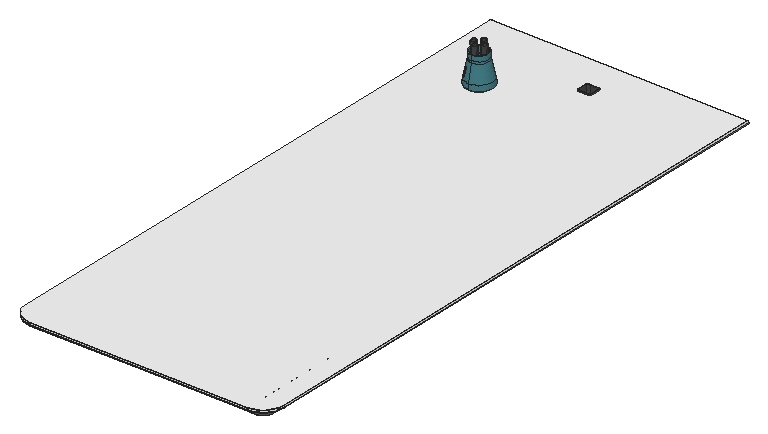
Revit family "Worksurfaces-Teknion-JNWPGN_Writable_Glass_Peninsula_Worksurface_Connected-R2018", category Furniture, Revit 2018
Family settings
  OmniClass Number = 23.40.20.00
  OmniClass Title = General Furniture and Specialties
  Work Plane-Based = No
  Always vertical = Yes
  Cut with Voids When Loaded = No
  Shared = Yes
  Room Calculation Point = No
Parameters (values of type "36" Depth")
  Worksurface Finish = Back-painted Glass - K7 - Teknion - Very White
  Width [instance] = 84.000"
  Warranty = "http://www.teknion.com/ca/papers/legal-canada"
  Unit Weight URL = "http://www.teknion.com/ca/tools/assets#&asset=bee6a381-b954-425e-8283-5a2de3a804f2,f828d448-4b62-4231-9e5f-9a8991c0ed77"
  URL = "www.teknion.com"
  To render please download texture images found here [instance] = "https://assets.teknion.com/web/5e81352c1dfdb467/revit-material-swatches/"
  Sustainability Data = "https://www.teknion.com/ca/tools/assets#&topic=216f99a5-57a0-44fc-b10a-9dee9b29ae4c&asset=444deb64-fe58-4b68-981e-f75e97781df7,b4ff2d81-9f2e-437d-9659-7cffb09c31cf"
  Square Cut-Out Hole Depth [instance] = if([Has Square Cut-Out Style], 2.250", 0.500")  # 2.250"
  Series = "Expansion Cityline"  # constant formula
  Product Page URL = "https://www.teknion.com/ca/products/product-details?productlineid=9ad2a26e-8e7a-673b-a6c8-ff05004460c4"
  Product Line = "Expansion Cityline"  # constant formula
  Product Documentation Link = "https://www.teknion.com/pricing/expansion-cityline/pdfs/JNwpgn_ppg.pdf"
  Part Number = "JNWPGN"  # constant formula
  Model = "JNWPGN36___K"
  Metal Edge Finish = Paint - Teknion - Mica - Anthracite
  Manufacturer Phone = "416-661-3370"  # constant formula
  Manufacturer Fax = "416.661.4586"  # constant formula
  Manufacturer Contact Information = "http://www.teknion.com/ca/contactus"
  Manufacturer Address = "1150 Flint Road, Toronto, ON. M3J 2J5. Canada"  # constant formula
  Manufacturer = "Teknion"  # constant formula
  How To Use Teknion Materials User Guide [instance] = "https://assets.teknion.com/m/205dd0a49fa58060/original/How-to-add-a-Material-Library-and-Texture-Images-to-your-Revit-project.pdf"
  Has Square Cut-Out Style [instance] = yes
  For Additional Finishes please visit [instance] = "https://assets.teknion.com/m/44a8009b046e5d47/original/Teknion_Materials_Library.zip"
  Description = "Writable Glass Peninsula Worksurface – Worksurface Connected, 36\" Depth, With Companion Marker Kit"
  Depth = 36.000"
  Companion Finish = Paint - Teknion - Accent - Mineral Teal
  Available Widths [instance] = "48, 54, 60, 66, 72, 78, or 84 inches."  # constant formula
  Assembly Code = "E2020200"
Types (4): name | Model | Description | Depth
  (no name) | "JNWPGN36___K" | "Writable Glass Peninsula Worksurface – Worksurface Connected, 36\" Depth, With Companion Marker Kit" | 36.000"
  36" Depth | "JNWPGN36___K" | "Writable Glass Peninsula Worksurface – Worksurface Connected, 36\" Depth, With Companion Marker Kit" | 36.000"
  24" Depth | "JNWPGN24___K" | "Writable Glass Peninsula Worksurface – Worksurface Connected, 24\" Depth, With Companion Marker Kit" | 24.000"
  30" Depth | "JNWPGN30___K" | "Writable Glass Peninsula Worksurface – Worksurface Connected, 30\" Depth, With Companion Marker Kit" | 30.000"
Reference planes (in)
  plane 1 "Center Front/Back": y = -0.21827
  plane 2: z = 0
  plane 3 "Center Left/Right": x = 0
  plane 4 "Left": x = -18
  plane 5 "Right": x = 18
  plane 6 "Back": y = 41.78173
  plane 7 "Front": y = -42.21827
  plane 8 "Top": z = 29.09449
  plane 9: y = 29.97624
  plane 10: x = -10.125
  plane 11: z = 29.78937
Forms (in)
  Sweep 1, solid, material "Glass - Teknion - CL - Clear"
    path origin (0, 5.78173, -0.29528) x (0, 1, 0) y (0, 0, 1)
      loop
        line (0, 29.38976) -> (0, 29.35039)
    profile origin (0, 5.78173, 29.0748) x (1, 0, 0) y (0, 1, 0)
      loop
        arc (-18, -45.1063) -> (-17.15245, -47.15245) -> (-15.1063, -48) r 2.8937
        line (-15.1063, -48) -> (15.1063, -48)
        arc (15.1063, -48) -> (17.15245, -47.15245) -> (18, -45.1063) r 2.8937
        line (18, -45.1063) -> (18, 36) -> (-18, 36) -> (-18, -45.1063)
  Sweep 2, solid, material "Back-painted Glass - K7 - Teknion - Very White" <- "Worksurface Finish"
    path origin (0, 5.78173, -0.29528) x (0, 1, 0) y (0, 0, 1)
      loop
        line (0, 29.35039) -> (0, 29.15354)
    profile origin (0, 5.78173, 28.95669) x (1, 0, 0) y (0, 1, 0)
      loop
        arc (-18, -45.1063) -> (-17.15245, -47.15245) -> (-15.1063, -48) r 2.8937
        line (-15.1063, -48) -> (15.1063, -48)
        arc (15.1063, -48) -> (17.15245, -47.15245) -> (18, -45.1063) r 2.8937
        line (18, -45.1063) -> (18, 36) -> (-18, 36) -> (-18, -45.1063)
  Sweep 3, solid, material "Paint - Teknion - Mica - Anthracite" <- "Metal Edge Finish"
    path origin (0, -6.21827, -0.29528) x (0, 1, 0) y (-1, 0, 0)
      loop
        line (-36, 15.1063) -> (-36, -15.1063)
    profile origin (0, -42.21827, -0.29528) x (0, 1, 0) y (0, 0, 1)
      loop
        arc (1.07334, 28.24486) -> (1.2047, 28.17062) -> (1.35167, 28.13649) r 0.52896
        line (1.35167, 28.13649) -> (2.62909, 28.02755) -> (2.79212, 28.02755)
        arc (2.79212, 28.02755) -> (2.83611, 28.04577) -> (2.85434, 28.08976) r 0.06221
        line (2.85434, 28.08976) -> (2.85434, 28.18504) -> (2.8937, 28.18504) -> (2.8937, 29.15354) -> (0, 29.15354) -> (0, 29.06505) -> (1.07334, 28.24486)
  Sweep 4, solid, material "Paint - Teknion - Mica - Anthracite" <- "Metal Edge Finish"
    path origin (1, 5.78173, -0.29528) x (0, 1, 0) y (-1, 0, 0)
      loop
        line (36, 19) -> (-45.1063, 19)
    profile origin (-18, 1.22858, -0.29528) x (1, 0, 0) y (0, 0, 1)
      loop
        arc (1.07334, 28.24486) -> (1.2047, 28.17062) -> (1.35167, 28.13649) r 0.52896
        line (1.35167, 28.13649) -> (2.62909, 28.02755) -> (2.79212, 28.02755)
        arc (2.79212, 28.02755) -> (2.83611, 28.04577) -> (2.85434, 28.08976) r 0.06221
        line (2.85434, 28.08976) -> (2.85434, 28.18504) -> (2.8937, 28.18504) -> (2.8937, 29.15354) -> (0, 29.15354) -> (0, 29.06505) -> (1.07334, 28.24486)
  Sweep 5, solid, material "Paint - Teknion - Mica - Anthracite" <- "Metal Edge Finish"
    path origin (-1, 5.78173, -0.29528) x (0, 1, 0) y (-1, 0, 0)
      loop
        line (36, -19) -> (-45.1063, -19)
    profile origin (18, 1.22858, -0.29528) x (1, 0, 0) y (0, 0, 1)
      loop
        line (-1.07334, 28.24486) -> (0, 29.06505) -> (0, 29.15354) -> (-2.8937, 29.15354) -> (-2.8937, 28.18504) -> (-2.85434, 28.18504) -> (-2.85434, 28.08976)
        arc (-2.85434, 28.08976) -> (-2.83611, 28.04577) -> (-2.79212, 28.02755) r 0.06221
        line (-2.79212, 28.02755) -> (-2.62909, 28.02755) -> (-1.35167, 28.13649)
        arc (-1.35167, 28.13649) -> (-1.2047, 28.17062) -> (-1.07334, 28.24486) r 0.52896
  Revolve 6, solid, material "Paint - Teknion - Mica - Anthracite" <- "Metal Edge Finish"
    sketch origin (-15.1063, -6.21827, -0.29528) x (0, 1, 0) y (0, 0, 1)
      loop
        line (-36, 29.15354) -> (-36, 29.06505) -> (-34.92666, 28.24486)
        arc (-34.92666, 28.24486) -> (-34.7953, 28.17062) -> (-34.64833, 28.13649) r 0.52896
        line (-34.64833, 28.13649) -> (-33.37091, 28.02755) -> (-33.20788, 28.02755)
        arc (-33.20788, 28.02755) -> (-33.16389, 28.04577) -> (-33.14566, 28.08976) r 0.06221
        line (-33.14566, 28.08976) -> (-33.14566, 28.18504) -> (-33.1063, 28.18504) -> (-33.1063, 29.15354) -> (-36, 29.15354)
      axis (-33.1063, 28.02755) -> (-33.1063, 29.15354)
    angle from 0 to 90
  Revolve 7, solid, material "Paint - Teknion - Mica - Anthracite" <- "Metal Edge Finish"
    sketch origin (15.1063, -6.21827, -0.29528) x (0, 1, 0) y (0, 0, -1)
      loop
        line (-36, -29.15354) -> (-33.1063, -29.15354) -> (-33.1063, -28.18504) -> (-33.14566, -28.18504) -> (-33.14566, -28.08976)
        arc (-33.14566, -28.08976) -> (-33.16389, -28.04577) -> (-33.20788, -28.02755) r 0.06221
        line (-33.20788, -28.02755) -> (-33.37091, -28.02755) -> (-34.64833, -28.13649)
        arc (-34.64833, -28.13649) -> (-34.7953, -28.17062) -> (-34.92666, -28.24486) r 0.52896
        line (-34.92666, -28.24486) -> (-36, -29.06505) -> (-36, -29.15354)
      axis (-33.1063, -28.02755) -> (-33.1063, -29.15354)
    angle from 0 to 90
  Sweep 8, solid, material "Paint - Teknion - Mica - Anthracite" <- "Metal Edge Finish"
    path origin (0, 5.78173, -0.29528) x (0, 1, 0) y (0, 0, 1)
      loop
        line (0, 28.02755) -> (0, 29.15354)
    profile origin (0, 5.78173, 28.29527) x (0, -1, 0) y (1, 0, 0)
      loop
        line (45.1063, 15.1063) -> (-36, 15.1063) -> (-36, -15.1063) -> (45.1063, -15.1063) -> (45.1063, 15.1063)
  Revolve 9, solid, material "Paint - Teknion - Accent - Mineral Teal" <- "Companion Finish"
    sketch origin (-10.125, 28.08648, 48) x (0, -1, 0) y (0, 0, 1)
      loop
        line (-1.8841, -14.83071) -> (-1.8841, -18.82677) -> (0.00566, -18.82677)
        arc (0.00566, -18.82677) -> (-0.01428, -18.47675) -> (-0.069, -18.13046) r 3.51502
        line (-0.069, -18.13046) -> (-0.5742, -15.71998)
        arc (-0.5742, -15.71998) -> (-0.5965, -15.57928) -> (-0.60566, -15.43711) r 1.53463
        line (-0.60566, -15.43711) -> (-0.61654, -14.83071) -> (-1.8841, -14.83071)
      axis (-1.8841, -14.83071) -> (-1.8841, -18.82677)
    angle from 0 to 360
  Blend 10, solid, material "Plastic - Teknion - E - Ebony"
    base sketch origin (-26.38188, 43.0031, 0) x (1, 0, 0) y (0, 1, 0)
      loop
        circle (16.25708, -12.24709) r 0.31659
    top sketch origin (-26.38188, 43.0031, 0) x (1, 0, 0) y (0, 1, 0)
      loop
        circle (16.25708, -12.24709) r 0.36603
    from 33.18898 to 34.19291
  SweptBlend 11, solid, material "Plastic - Teknion - White"
    path origin (-26.38188, 40.09459, 0) x (1, 0, 0) y (0, 0, 1)
      loop
        line (15.46964, 29.64567) -> (15.46964, 33.18898)
    profile origin (-10.91224, 40.09459, 29.64567) x (-1, 0, 0) y (0, -1, 0)
      loop
        circle (-0.78744, 9.33857) r 0.36603
    end profile origin (-10.91224, 40.09459, 33.18898) x (-1, 0, 0) y (0, -1, 0)
      loop
        circle (-0.78744, 9.33857) r 0.31659
  Blend 12, solid, material "Plastic - Teknion - E - Ebony"
    base sketch origin (-27.17004, 42.21546, 0) x (1, 0, 0) y (0, 1, 0)
      loop
        circle (16.25708, -12.24709) r 0.31659
    top sketch origin (-27.17004, 42.21546, 0) x (1, 0, 0) y (0, 1, 0)
      loop
        circle (16.25708, -12.24709) r 0.36603
    from 33.18898 to 34.19291
  SweptBlend 13, solid, material "Plastic - Teknion - White"
    path origin (-27.17004, 39.30694, 0) x (1, 0, 0) y (0, 0, 1)
      loop
        line (15.46964, 29.64567) -> (15.46964, 33.18898)
    profile origin (-11.70039, 39.30694, 29.64567) x (-1, 0, 0) y (0, -1, 0)
      loop
        circle (-0.78744, 9.33857) r 0.36603
    end profile origin (-11.70039, 39.30694, 33.18898) x (-1, 0, 0) y (0, -1, 0)
      loop
        circle (-0.78744, 9.33857) r 0.31659
  Blend 14, solid, material "Plastic - Teknion - E - Ebony"
    base sketch origin (-25.59603, 42.21327, 0) x (1, 0, 0) y (0, 1, 0)
      loop
        circle (16.25708, -12.24709) r 0.31659
    top sketch origin (-25.59603, 42.21327, 0) x (1, 0, 0) y (0, 1, 0)
      loop
        circle (16.25708, -12.24709) r 0.36603
    from 33.18898 to 34.19291
  SweptBlend 15, solid, material "Plastic - Teknion - White"
    path origin (-25.59603, 39.30475, 0) x (1, 0, 0) y (0, 0, 1)
      loop
        line (15.46964, 29.64567) -> (15.46964, 33.18898)
    profile origin (-10.12639, 39.30475, 29.64567) x (-1, 0, 0) y (0, -1, 0)
      loop
        circle (-0.78744, 9.33857) r 0.36603
    end profile origin (-10.12639, 39.30475, 33.18898) x (-1, 0, 0) y (0, -1, 0)
      loop
        circle (-0.78744, 9.33857) r 0.31659
  Blend 16, solid, material "Plastic - Teknion - E - Ebony"
    base sketch origin (-26.38144, 41.42657, 0) x (1, 0, 0) y (0, 1, 0)
      loop
        circle (16.25708, -12.24709) r 0.31659
    top sketch origin (-26.38144, 41.42657, 0) x (1, 0, 0) y (0, 1, 0)
      loop
        circle (16.25708, -12.24709) r 0.36603
    from 33.18898 to 34.19291
  SweptBlend 17, solid, material "Plastic - Teknion - White"
    path origin (-26.38144, 38.51805, 0) x (1, 0, 0) y (0, 0, 1)
      loop
        line (15.46964, 29.64567) -> (15.46964, 33.18898)
    profile origin (-10.9118, 38.51805, 29.64567) x (-1, 0, 0) y (0, -1, 0)
      loop
        circle (-0.78744, 9.33857) r 0.36603
    end profile origin (-10.9118, 38.51805, 33.18898) x (-1, 0, 0) y (0, -1, 0)
      loop
        circle (-0.78744, 9.33857) r 0.31659
  Sweep 18, solid, material "Plastic - Teknion - E - Ebony"
    path origin (-26.38188, 40.09459, 0) x (1, 0, 0) y (0, 0, 1)
      loop
        line (15.46964, 33.69291) -> (15.46964, 34.40945)
    profile origin (-10.91224, 40.09459, 34.05118) x (-1, 0, 0) y (0, -1, 0)
      loop
        circle (0.00018, 10.12749) r 0.17971
  Sweep 19, solid, material "Plastic - Teknion - E - Ebony"
    path origin (-25.59382, 39.30858, 0) x (1, 0, 0) y (0, 0, 1)
      loop
        line (15.46882, 33.69291) -> (15.46882, 34.40945)
    profile origin (-10.125, 39.30858, 34.05118) x (-1, 0, 0) y (0, -1, 0)
      loop
        circle (-0.00065, 10.12749) r 0.17971
  Sweep 20, solid, material "Plastic - Teknion - E - Ebony"
    path origin (-25.59382, 40.88396, 0) x (1, 0, 0) y (0, 0, 1)
      loop
        line (15.46964, 33.69291) -> (15.46964, 34.40945)
    profile origin (-10.12417, 40.88396, 34.05118) x (-1, 0, 0) y (0, -1, 0)
      loop
        circle (0.00018, 10.12749) r 0.17971
  Sweep 21, solid, material "Plastic - Teknion - E - Ebony"
    path origin (-24.80701, 40.09617, 0) x (1, 0, 0) y (0, 0, 1)
      loop
        line (15.46964, 33.69291) -> (15.46964, 34.40945)
    profile origin (-9.33737, 40.09617, 34.05118) x (-1, 0, 0) y (0, -1, 0)
      loop
        circle (0.00018, 10.12749) r 0.17971
  Sweep 22, solid, material "Paint - Teknion - Accent - Mineral Teal" <- "Companion Finish"
    path origin (-26.38188, 40.09459, 0) x (1, 0, 0) y (0, 0, 1)
      loop
        line (16.25688, 29.37008) -> (16.25688, 29)
    profile origin (-10.125, 40.09459, 29.18504) x (0, -1, 0) y (1, 0, 0)
      loop
        circle (10.1268, 0) r 1.76621
  Revolve 23, void
    sketch origin (-8.23524, 29.97624, 48) x (1, 0, 0) y (0, 0, 1)
      loop
        line (-1.88976, -14.83071) -> (-1.88976, -18.82677) -> (-0.11909, -18.82677)
        arc (-0.11909, -18.82677) -> (-0.13948, -18.48343) -> (-0.19347, -18.14375) r 3.50035
        line (-0.19347, -18.14375) -> (-0.70188, -15.71998) -> (-0.70188, -14.83071) -> (-1.88976, -14.83071)
      axis (-1.88976, -14.83071) -> (-1.88976, -18.82677)
    angle from 0 to 360
  Sweep 24, solid, material "Plastic - Teknion - E - Ebony", visible <- "Has Square Cut-Out Style"
    path origin (0, 0, 0) x (0, 1, 0) y (0, 0, 1)
      loop
        line (36.38803, 29.09449) -> (36.38803, 27.53937)
    profile origin (0, 36.38803, 28.31693) x (1, 0, 0) y (0, 1, 0)
      loop
        arc (-0.94724, -0.58661) -> (-0.84162, -0.84162) -> (-0.58661, -0.94724) r 0.36063
        line (-0.58661, -0.94724) -> (0.58661, -0.94724)
        arc (0.58661, -0.94724) -> (0.84162, -0.84162) -> (0.94724, -0.58661) r 0.36063
        line (0.94724, -0.58661) -> (0.94724, 0.58661)
        arc (0.94724, 0.58661) -> (0.84162, 0.84162) -> (0.58661, 0.94724) r 0.36063
        line (0.58661, 0.94724) -> (-0.58661, 0.94724)
        arc (-0.58661, 0.94724) -> (-0.84162, 0.84162) -> (-0.94724, 0.58661) r 0.36063
        line (-0.94724, 0.58661) -> (-0.94724, -0.58661)
      loop
        arc (0.58661, -0.87638) -> (0.79151, -0.79151) -> (0.87638, -0.58661) r 0.28976
        line (0.87638, -0.58661) -> (0.87638, 0.58661)
        arc (0.87638, 0.58661) -> (0.79151, 0.79151) -> (0.58661, 0.87638) r 0.28976
        line (0.58661, 0.87638) -> (-0.58661, 0.87638)
        arc (-0.58661, 0.87638) -> (-0.79151, 0.79151) -> (-0.87638, 0.58661) r 0.28976
        line (-0.87638, 0.58661) -> (-0.87638, -0.58661)
        arc (-0.87638, -0.58661) -> (-0.79151, -0.79151) -> (-0.58661, -0.87638) r 0.28976
        line (-0.58661, -0.87638) -> (0.58661, -0.87638)
  Sweep 25, void
    path origin (0, 0, 0) x (0, 1, 0) y (0, 0, 1)
      loop
        line (36.38803, 27.53937) -> (36.38803, 29.78937)
    profile origin (0, 36.38803, 28.66437) x (0, -1, 0) y (1, 0, 0)
      loop
        line (-0.94724, 0.58661) -> (-0.94724, -0.58661)
        arc (-0.94724, -0.58661) -> (-0.84162, -0.84162) -> (-0.58661, -0.94724) r 0.36063
        line (-0.58661, -0.94724) -> (0.58661, -0.94724)
        arc (0.58661, -0.94724) -> (0.84162, -0.84162) -> (0.94724, -0.58661) r 0.36063
        line (0.94724, -0.58661) -> (0.94724, 0.58661)
        arc (0.94724, 0.58661) -> (0.84162, 0.84162) -> (0.58661, 0.94724) r 0.36063
        line (0.58661, 0.94724) -> (-0.58661, 0.94724)
        arc (-0.58661, 0.94724) -> (-0.84162, 0.84162) -> (-0.94724, 0.58661) r 0.36063
Cuts and joins
  Revolve 23 cuts Revolve 9
  Sweep 25 cuts Sweep 1
  Sweep 25 cuts Sweep 2
  Sweep 25 cuts Sweep 8
Lines and regions (in)
  Masking region 1
    outline origin (0, 0, 0) x (1, 0, 0) y (0, 1, 0)
      loop
        line (-18, 41.78173) -> (-18, -39.32457)
        arc (-18, -39.32457) -> (-17.15245, -41.37073) -> (-15.1063, -42.21827) r 2.8937
        line (-15.1063, -42.21827) -> (15.1063, -42.21827)
        arc (15.1063, -42.21827) -> (17.15245, -41.37073) -> (18, -39.32457) r 2.8937
        line (18, -39.32457) -> (18, 41.78173) -> (-18, 41.78173)
  symbolic lines, style "FurnitureHiddenLines", detail levels medium+fine
    curve 1: line (-15.1063, -39.32457, 0) -> (-15.1063, 41.78173, 0)
    curve 2: line (15.1063, -39.32457, 0) -> (-15.1063, -39.32457, 0)
    curve 3: line (15.1063, 41.78173, 0) -> (15.1063, -39.32457, 0)
    curve 14: line (15.14566, 41.78173, 0) -> (15.14566, -39.32457, 0)
    curve 15: line (-15.14566, -39.32457, 0) -> (-15.14566, 41.78173, 0)
    curve 16: line (15.1063, -39.36394, 0) -> (-15.1063, -39.36394, 0)
    curve 17: arc (-15.1063, -39.36394, 0) -> (-15.13413, -39.35241, 0) -> (-15.14566, -39.32457, 0) r 0.03936
    curve 18: arc (15.1063, -39.36394, 0) -> (15.13413, -39.35241, 0) -> (15.14566, -39.32457, 0) r 0.03936
  symbolic lines, style "FurnitureHiddenLines", detail levels fine
    curve 4: line (-16.92666, -39.32457, 0) -> (-16.92666, 41.78173, 0)
    curve 5: line (15.1063, -41.14493, 0) -> (-15.1063, -41.14493, 0)
    curve 6: line (16.92666, 41.78173, 0) -> (16.92666, -39.32457, 0)
    curve 7: arc (-16.92666, -39.32457, 0) -> (-16.39349, -40.61176, 0) -> (-15.1063, -41.14493, 0) r 1.82036
    curve 8: arc (15.1063, -41.14493, 0) -> (16.39349, -40.61176, 0) -> (16.92666, -39.32457, 0) r 1.82036
    curve 9: line (-15.37091, -39.32457, 0) -> (-15.37091, 41.78173, 0)
    curve 10: line (15.1063, -39.58918, 0) -> (-15.1063, -39.58918, 0)
    curve 11: line (15.37091, 41.78173, 0) -> (15.37091, -39.32457, 0)
    curve 12: arc (15.1063, -39.58918, 0) -> (15.29341, -39.51168, 0) -> (15.37091, -39.32457, 0) r 0.26461
    curve 13: arc (-15.37091, -39.32457, 0) -> (-15.29341, -39.51168, 0) -> (-15.1063, -39.58918, 0) r 0.26461
    curve 59: arc (-10.125, 31.734, 0) -> (-11.89121, 29.96779, 0) -> (-10.125, 28.20158, 0) r 1.76621
    curve 60: arc (-10.125, 28.20158, 0) -> (-8.35879, 29.96779, 0) -> (-10.125, 31.734, 0) r 1.76621
    curve 61: arc (-9.80821, 30.75601, 0) -> (-10.1248, 31.0726, 0) -> (-10.44139, 30.75601, 0) r 0.31659
    curve 62: arc (-10.44139, 30.75601, 0) -> (-10.1248, 30.43942, 0) -> (-9.80821, 30.75601, 0) r 0.31659
    curve 63: arc (-9.02236, 29.96617, 0) -> (-9.33895, 30.28276, 0) -> (-9.65554, 29.96617, 0) r 0.31659
    curve 64: arc (-9.65554, 29.96617, 0) -> (-9.33895, 29.64959, 0) -> (-9.02236, 29.96617, 0) r 0.31659
    curve 65: arc (-10.59636, 29.96836, 0) -> (-10.91295, 30.28495, 0) -> (-11.22954, 29.96836, 0) r 0.31659
    curve 66: arc (-11.22954, 29.96836, 0) -> (-10.91295, 29.65177, 0) -> (-10.59636, 29.96836, 0) r 0.31659
    curve 67: arc (-9.80777, 29.17948, 0) -> (-10.12436, 29.49606, 0) -> (-10.44094, 29.17948, 0) r 0.31659
    curve 68: arc (-10.44094, 29.17948, 0) -> (-10.12436, 28.86289, 0) -> (-9.80777, 29.17948, 0) r 0.31659
  symbolic lines, visible <- "Has Square Cut-Out Style"
    curve 19: line (0.58661, 37.33527, 0) -> (-0.58661, 37.33527, 0)
    curve 20: line (-0.58661, 35.44078, 0) -> (0.58661, 35.44078, 0)
    curve 21: line (-0.94724, 36.97464, 0) -> (-0.94724, 35.80141, 0)
    curve 22: line (0.94724, 35.80141, 0) -> (0.94724, 36.97464, 0)
    curve 23: arc (-0.58661, 37.33527, 0) -> (-0.84162, 37.22964, 0) -> (-0.94724, 36.97464, 0) r 0.36063
    curve 24: arc (0.94724, 36.97464, 0) -> (0.84162, 37.22964, 0) -> (0.58661, 37.33527, 0) r 0.36063
    curve 25: arc (0.58661, 35.44078, 0) -> (0.84162, 35.54641, 0) -> (0.94724, 35.80141, 0) r 0.36063
    curve 26: arc (-0.94724, 35.80141, 0) -> (-0.84162, 35.54641, 0) -> (-0.58661, 35.44078, 0) r 0.36063
    curve 27: line (-0.87638, 35.80141, 0) -> (-0.87638, 36.97464, 0)
    curve 28: line (-0.58661, 37.2644, 0) -> (0.58661, 37.2644, 0)
    curve 29: line (0.87638, 36.97464, 0) -> (0.87638, 35.80141, 0)
    curve 30: line (0.58661, 35.51165, 0) -> (-0.58661, 35.51165, 0)
    curve 31: arc (-0.58661, 35.51165, 0) -> (-0.79151, 35.59652, 0) -> (-0.87638, 35.80141, 0) r 0.28976
    curve 32: arc (-0.87638, 36.97464, 0) -> (-0.79151, 37.17953, 0) -> (-0.58661, 37.2644, 0) r 0.28976
    curve 33: arc (0.58661, 37.2644, 0) -> (0.79151, 37.17953, 0) -> (0.87638, 36.97464, 0) r 0.28976
    curve 34: arc (0.87638, 35.80141, 0) -> (0.79151, 35.59652, 0) -> (0.58661, 35.51165, 0) r 0.28976
  symbolic lines
    curve 35: arc (-10.125, 31.86034, 0) -> (-12.01477, 29.97058, 0) -> (-10.125, 28.08081, 0) r 1.88976
    curve 36: arc (-10.125, 28.08081, 0) -> (-8.23524, 29.97058, 0) -> (-10.125, 31.86034, 0) r 1.88976
    curve 37: arc (-10.125, 31.28048, 0) -> (-11.43491, 29.97058, 0) -> (-10.125, 28.66067, 0) r 1.30991
    curve 38: arc (-10.125, 28.66067, 0) -> (-8.8151, 29.97058, 0) -> (-10.125, 31.28048, 0) r 1.30991
    curve 39: arc (-8.93711, 29.97624, 0) -> (-10.125, 31.16413, 0) -> (-11.31289, 29.97624, 0) r 1.18789
    curve 40: arc (-11.31289, 29.97624, 0) -> (-10.125, 28.78835, 0) -> (-8.93711, 29.97624, 0) r 1.18789
    curve 41: arc (-10.125, 28.70301, 0) -> (-11.39257, 29.97058, 0) -> (-10.125, 31.23814, 0) r 1.26757
    curve 42: arc (-10.125, 31.23814, 0) -> (-8.85744, 29.97058, 0) -> (-10.125, 28.70301, 0) r 1.26757
    curve 43: arc (-10.49083, 30.75601, 0) -> (-10.1248, 30.38998, 0) -> (-9.75877, 30.75601, 0) r 0.36603
    curve 44: arc (-9.75877, 30.75601, 0) -> (-10.1248, 31.12204, 0) -> (-10.49083, 30.75601, 0) r 0.36603
    curve 45: arc (-10.30407, 30.75647, 0) -> (-10.12436, 30.93618, 0) -> (-9.94464, 30.75647, 0) r 0.17971
    curve 46: arc (-9.94464, 30.75647, 0) -> (-10.12436, 30.57675, 0) -> (-10.30407, 30.75647, 0) r 0.17971
    curve 47: arc (-10.54692, 29.96836, 0) -> (-10.91295, 30.3344, 0) -> (-11.27899, 29.96836, 0) r 0.36603
    curve 48: arc (-11.09214, 29.9671, 0) -> (-10.91242, 30.14681, 0) -> (-10.73271, 29.9671, 0) r 0.17971
    curve 49: arc (-10.73271, 29.9671, 0) -> (-10.91242, 29.78738, 0) -> (-11.09214, 29.9671, 0) r 0.17971
    curve 50: arc (-11.27899, 29.96836, 0) -> (-10.91295, 29.60233, 0) -> (-10.54692, 29.96836, 0) r 0.36603
    curve 51: arc (-8.97292, 29.96617, 0) -> (-9.33895, 30.33221, 0) -> (-9.70498, 29.96617, 0) r 0.36603
    curve 52: arc (-9.51726, 29.96868, 0) -> (-9.33755, 30.1484, 0) -> (-9.15783, 29.96868, 0) r 0.17971
    curve 53: arc (-9.15783, 29.96868, 0) -> (-9.33755, 29.78897, 0) -> (-9.51726, 29.96868, 0) r 0.17971
    curve 54: arc (-8.97292, 29.96617, 0) -> (-9.33895, 29.60014, 0) -> (-9.70498, 29.96617, 0) r 0.36603
    curve 55: arc (-10.49039, 29.17948, 0) -> (-10.12436, 29.54551, 0) -> (-9.75832, 29.17948, 0) r 0.36603
    curve 56: arc (-10.30407, 29.18109, 0) -> (-10.12436, 29.36081, 0) -> (-9.94464, 29.18109, 0) r 0.17971
    curve 57: arc (-9.94464, 29.18109, 0) -> (-10.12436, 29.00138, 0) -> (-10.30407, 29.18109, 0) r 0.17971
    curve 58: arc (-10.49039, 29.17948, 0) -> (-10.12436, 28.81344, 0) -> (-9.75832, 29.17948, 0) r 0.36603
Dimensions and locks (in)
  "Depth": plane 4 "Left" to plane 5 "Right"
  "Width": plane 6 "Back" to plane 7 "Front"
  plane 8 "Top" to level = 29.09449"
  equal spacing: plane 4 "Left", plane 3 "Center Left/Right", plane 5 "Right"
  equal spacing: plane 6 "Back", plane 1 "Center Front/Back", plane 7 "Front"
  locked: Sweep 2 sketch curve to Sweep 2 sketch curve at 0.19685
  Sweep 4 sketch curve to Sweep 4 sketch curve to Sweep 4 sketch curve to Sweep 4 sketch curve = 1.39551" locked, 0.06221" locked, 0.03936" locked
  Sweep 4 sketch curve to Sweep 4 sketch curve to Sweep 4 sketch curve to Sweep 4 sketch curve to Sweep 4 sketch curve = 0.0885" locked, 0.40151" locked, 0.47849" locked, 0.09528" locked
  Sweep 5 sketch curve to Sweep 5 sketch curve to Sweep 5 sketch curve to Sweep 5 sketch curve = 0.03936" locked, 0.06221" locked, 1.39551" locked
  Sweep 5 sketch curve to Sweep 5 sketch curve to Sweep 5 sketch curve to Sweep 5 sketch curve to Sweep 5 sketch curve = 0.0885" locked, 0.40151" locked, 0.47849" locked, 0.09528" locked
  plane 8 "Top" to Sweep 8 sketch curve to Sweep 8 sketch curve = 0.23622" locked, 1.12599"
  locked: plane 7 "Front" to Sweep 5 sketch curve at 2.8937
  locked: plane 7 "Front" to Revolve 6 at 2.8937
  locked: plane 4 "Left" to Revolve 6 at 2.8937
  locked: Revolve 7 to plane 5 "Right" at 2.8937
  locked: plane 7 "Front" to Revolve 7 at 2.8937
  plane 7 "Front" to Sweep 1 sketch curve to Sweep 1 sketch curve = 2.8937" locked, 0.000" locked
  locked: plane 4 "Left" to Sweep 1 sketch curve at 2.8937
  locked: Sweep 1 sketch curve to plane 5 "Right" at 2.8937
  locked: plane 7 "Front" to Sweep 4 sketch curve at 2.8937
  locked: plane 4 "Left" to Sweep 3 sketch curve at 2.8937
  locked: Sweep 3 sketch curve to plane 5 "Right" at 2.8937
  locked: plane 4 "Left" to plane 10 at 7.875
  locked: plane 6 "Back" to plane 9 at 11.80549
  locked: Sweep 18 sketch curve to Sweep 18 sketch curve at 0.71654
  locked: Sweep 19 sketch curve to Sweep 19 sketch curve at 0.71654
  locked: Sweep 20 sketch curve to Sweep 20 sketch curve at 0.71654
  locked: Sweep 21 sketch curve to Sweep 21 sketch curve at 0.71654
  plane 6 "Back" to Revolve 9 sketch curve to Revolve 9 sketch curve to Revolve 9 sketch curve to Revolve 9 sketch curve to Revolve 9 sketch curve to Revolve 9 sketch curve = 10.18598" locked, 1.62517" locked, 1.26757" locked, 0.04234" locked, 0.57986" locked, 0.92306" locked
  Revolve 9 sketch curve to Revolve 9 sketch curve to Revolve 9 sketch curve to Revolve 9 sketch curve to plane 8 "Top" = 0.88927" locked, 2.41048" locked, 0.69631" locked, 0.07874" locked
  locked: Sweep 22 sketch curve to Sweep 22 sketch curve at 0.37008
  SweptBlend 13 sketch curve to SweptBlend 13 sketch curve to plane 8 "Top" = 3.54331" locked, 0.55118" locked
  SweptBlend 17 sketch curve to SweptBlend 17 sketch curve to plane 8 "Top" = 3.54331" locked, 0.55118" locked
  SweptBlend 15 sketch curve to SweptBlend 15 sketch curve to plane 8 "Top" = 3.54331" locked, 0.55118" locked
  SweptBlend 11 sketch curve to SweptBlend 11 sketch curve to plane 8 "Top" = 3.54331" locked, 0.55118" locked
  Revolve 23 sketch curve to Revolve 23 sketch curve to Revolve 23 sketch curve to Revolve 23 sketch curve to plane 8 "Top" = 0.88927" locked, 2.42377" locked, 0.68302" locked, 0.07874" locked
  Revolve 23 sketch curve to plane 10 to Revolve 23 sketch curve to Revolve 23 sketch curve to Revolve 23 sketch curve = 1.7295" locked, 0.000" locked, 1.18789" locked, 0.50841" locked
  locked: plane 10 to Sweep 22 sketch curve at 0
  locked: Sweep 22 sketch curve to plane 9 at 0.00845
  locked: SweptBlend 13 sketch curve to plane 9 at 0.00788  (x2)
  locked: SweptBlend 13 sketch curve to plane 10 at 0.78795  (x2)
  locked: Blend 12 sketch curve to plane 9 at 0.00788  (x2)
  locked: Blend 12 sketch curve to plane 10 at 0.78795  (x2)
  locked: Sweep 18 sketch curve to plane 9 at 0.00914
  locked: Sweep 18 sketch curve to plane 10 at 0.78742
  locked: SweptBlend 17 sketch curve to plane 9 at 0.79676  (x2)
  locked: plane 10 to SweptBlend 17 sketch curve at 0.00065  (x2)
  locked: plane 10 to Sweep 19 sketch curve at 0.00065
  locked: Sweep 19 sketch curve to plane 9 at 0.79515
  locked: plane 10 to Blend 16 sketch curve at 0.00065  (x2)
  locked: Blend 16 sketch curve to plane 9 at 0.79676  (x2)
  locked: SweptBlend 15 sketch curve to plane 9 at 0.01006  (x2)
  locked: plane 10 to SweptBlend 15 sketch curve at 0.78605  (x2)
  locked: Blend 14 sketch curve to plane 9 at 0.01006  (x2)
  locked: plane 10 to Blend 14 sketch curve at 0.78605  (x2)
  locked: Sweep 21 sketch curve to plane 9 at 0.00756
  locked: plane 10 to Sweep 21 sketch curve at 0.78745
  locked: plane 10 to Blend 10 sketch curve at 0.0002  (x2)
  locked: plane 9 to Blend 10 sketch curve at 0.77977  (x2)
  locked: plane 10 to SweptBlend 11 sketch curve at 0.0002  (x2)
  locked: plane 9 to SweptBlend 11 sketch curve at 0.77977  (x2)
  locked: plane 9 to Sweep 20 sketch curve at 0.78023
  locked: plane 10 to Sweep 20 sketch curve at 0.00065
  locked: plane 6 "Back" to Sweep 24 sketch curve at 5.3937
  Sweep 24 sketch curve to Sweep 24 sketch curve to Sweep 24 sketch curve to Sweep 24 sketch curve to Sweep 24 sketch curve to Sweep 24 sketch curve to plane 3 "Center Left/Right" to Sweep 24 sketch curve to Sweep 24 sketch curve to Sweep 24 sketch curve to Sweep 24 sketch curve to Sweep 24 sketch curve to Sweep 24 sketch curve = 0.07087" locked, 0.28976" locked, 0.000" locked, 0.000" locked, 0.000" locked, 0.58661" locked, 0.58661" locked, 0.000" locked, 0.000" locked, 0.000" locked, 0.28976" locked, 0.07087" locked
  plane 6 "Back" to Sweep 24 sketch curve to Sweep 24 sketch curve to Sweep 24 sketch curve to Sweep 24 sketch curve to Sweep 24 sketch curve to Sweep 24 sketch curve to Sweep 24 sketch curve to Sweep 24 sketch curve to Sweep 24 sketch curve to Sweep 24 sketch curve = 4.44646" locked, 0.07087" locked, 0.28976" locked, 0.000" locked, 1.17323" locked, 0.000" locked, 0.000" locked, 0.000" locked, 0.28976" locked, 0.07087" locked
  locked: plane 6 "Back" to Sweep 25 sketch curve at 5.3937
  plane 6 "Back" to Sweep 25 sketch curve to Sweep 25 sketch curve to Sweep 25 sketch curve to Sweep 25 sketch curve to Sweep 25 sketch curve to Sweep 25 sketch curve = 4.44646" locked, 0.36063" locked, 0.000" locked, 1.17323" locked, 0.000" locked, 0.36063" locked
  Sweep 25 sketch curve to Sweep 25 sketch curve to Sweep 25 sketch curve to plane 3 "Center Left/Right" to Sweep 25 sketch curve to Sweep 25 sketch curve to Sweep 25 sketch curve = 0.36063" locked, 0.000" locked, 0.58661" locked, 0.58661" locked, 0.000" locked, 0.36063" locked
  locked: plane 11 to plane 8 "Top" at 0.69488
  "Square Cut-Out Hole Depth": Sweep 25 sketch curve to plane 11
  locked: plane 8 "Top" to Sweep 24 sketch curve at 1.55512
  aligned and locked: level to plane 2
  aligned and locked: Sweep 2 sketch curve to Sweep 1  (x2)
  aligned and locked: Sweep 2 to Revolve 6 sketch curve
  aligned and locked: Revolve 6 sketch curve to Sweep 3  (x5)
  aligned and locked: Revolve 7 sketch curve to Sweep 3  (x5)
  aligned and locked: Sweep 2 to Revolve 7 sketch curve
  aligned and locked: Sweep 3 to Sweep 8 sketch curve
  aligned and locked: Sweep 8 sketch curve to Sweep 4
  aligned and locked: Sweep 5 to Sweep 8 sketch curve
  aligned and locked: Sweep 4 sketch curve to plane 4 "Left"
  aligned and locked: plane 7 "Front" to Sweep 3 sketch curve
  aligned and locked: plane 5 "Right" to Sweep 5 sketch curve
  aligned and locked: plane 6 "Back" to Sweep 4 sketch curve
  aligned and locked: plane 6 "Back" to Sweep 5 sketch curve
  aligned and locked: Sweep 8 sketch curve to plane 6 "Back"
  aligned and locked: Sweep 2 sketch curve to plane 6 "Back"
  aligned and locked: plane 4 "Left" to Sweep 1 sketch curve
  aligned and locked: Sweep 1 sketch curve to plane 6 "Back"
  aligned and locked: Sweep 1 sketch curve to plane 5 "Right"
  aligned and locked: plane 11 to Sweep 25 sketch curve
  aligned and locked: plane 8 "Top" to Sweep 24 sketch curve
  aligned and locked: Masking region 1 sketch curve to plane 6 "Back"
  aligned and locked: Masking region 1 sketch curve to plane 4 "Left"
  aligned and locked: Masking region 1 sketch curve to plane 5 "Right"
  aligned and locked: Masking region 1 sketch curve to Revolve 6
  aligned and locked: Masking region 1 sketch curve to Revolve 7
  aligned and locked: curve 1 to Sweep 4
  aligned and locked: curve 2 to Sweep 3
  aligned and locked: curve 3 to Sweep 5
  aligned and locked: curve 6 to Sweep 5
  aligned and locked: curve 7 to Revolve 6
  aligned and locked: curve 8 to Revolve 7
  aligned and locked: curve 11 to Sweep 5
  aligned and locked: curve 12 to Revolve 7
  aligned and locked: curve 13 to Revolve 6
  aligned and locked: curve 14 to Sweep 5
  aligned and locked: curve 17 to Revolve 6
  aligned and locked: curve 18 to Revolve 7
  aligned and locked: curve 23 to Sweep 24
  aligned and locked: curve 24 to Sweep 24
  aligned and locked: curve 25 to Sweep 24
  aligned and locked: curve 26 to Sweep 24
  aligned and locked: curve 31 to Sweep 24
  aligned and locked: curve 32 to Sweep 24
  aligned and locked: curve 33 to Sweep 24
  aligned and locked: curve 34 to Sweep 24
  aligned and locked: curve 35 to cut or joined group of Revolve 9, Revolve 23
  aligned and locked: curve 36 to cut or joined group of Revolve 9, Revolve 23
  aligned and locked: curve 37 to cut or joined group of Revolve 9, Revolve 23
  aligned and locked: curve 38 to cut or joined group of Revolve 9, Revolve 23
  aligned and locked: curve 39 to cut or joined group of Revolve 9, Revolve 23
  aligned and locked: curve 40 to cut or joined group of Revolve 9, Revolve 23
  aligned and locked: curve 41 to cut or joined group of Revolve 9, Revolve 23
  aligned and locked: curve 42 to cut or joined group of Revolve 9, Revolve 23
  aligned and locked: curve 43 to Blend 10
  aligned and locked: curve 44 to Blend 10
  aligned and locked: curve 45 to Sweep 20
  aligned and locked: curve 46 to Sweep 20
  aligned and locked: curve 47 to Blend 12
  aligned and locked: curve 48 to Sweep 18
  aligned and locked: curve 49 to Sweep 18
  aligned and locked: curve 50 to Blend 12
  aligned and locked: curve 51 to Blend 14
  aligned and locked: curve 52 to Sweep 21
  aligned and locked: curve 53 to Sweep 21
  aligned and locked: curve 54 to SweptBlend 15
  aligned and locked: curve 55 to SweptBlend 17
  aligned and locked: curve 56 to Sweep 19
  aligned and locked: curve 57 to Sweep 19
  aligned and locked: curve 58 to Blend 16
  aligned and locked: curve 59 to Sweep 22
  aligned and locked: curve 60 to Sweep 22
  aligned and locked: curve 61 to SweptBlend 11
  aligned and locked: curve 62 to SweptBlend 11
  aligned and locked: curve 63 to SweptBlend 15
  aligned and locked: curve 64 to SweptBlend 15
  aligned and locked: curve 65 to SweptBlend 13
  aligned and locked: curve 66 to SweptBlend 13
  aligned and locked: curve 67 to SweptBlend 17
  aligned and locked: curve 68 to SweptBlend 17
Automatic sketch dimensions
  Sweep 1 sketch curve to plane 1 "Center Front/Back" = 6.000"
  Sweep 1 sketch curve to plane 8 "Top" = 0.03937"
  Sweep 1 sketch curve to Sweep 1 sketch curve = 0.03937"
  Sweep 2 sketch curve to plane 1 "Center Front/Back" = 6.000"
  Sweep 2 sketch curve to plane 8 "Top" = 0.23622"
  Sweep 8 sketch curve to plane 1 "Center Front/Back" = 6.000"
  plane 10 to SweptBlend 11 sketch curve = 0.78724"
  plane 10 to SweptBlend 13 sketch curve = 1.57539"
  plane 10 to SweptBlend 15 sketch curve = 0.00139"
  plane 10 to SweptBlend 17 sketch curve = 0.78679"
  plane 10 to Sweep 18 sketch curve = 0.78724"
  plane 8 "Top" to Sweep 18 sketch curve = 4.59843"
  plane 10 to Sweep 19 sketch curve = 0.000"
  plane 8 "Top" to Sweep 19 sketch curve = 4.59843"
  Sweep 20 sketch curve to plane 10 = 0.00083"
  plane 8 "Top" to Sweep 20 sketch curve = 4.59843"
  Sweep 21 sketch curve to plane 10 = 0.78764"
  plane 8 "Top" to Sweep 21 sketch curve = 4.59843"
  plane 10 to Sweep 22 sketch curve = 0.000"
  Sweep 22 sketch curve to plane 8 "Top" = 0.09449"
  Sweep 3 sketch curve to profile plane = 0.000"
  Sweep 3 sketch curve to profile plane = 1.07334"
  Sweep 3 sketch curve to Sweep 3 sketch curve = 0.27833"
  Sweep 3 sketch curve to Sweep 3 sketch curve = 0.32327"
  Sweep 3 sketch curve to Sweep 3 sketch curve = 1.27742"
  Sweep 3 sketch curve to Sweep 3 sketch curve = 0.16304"
  Sweep 3 sketch curve to Sweep 3 sketch curve = 0.06221"
  Sweep 3 sketch curve to Sweep 3 sketch curve = 0.03936"
  profile plane to Sweep 3 sketch curve = 28.02755"
  Sweep 3 sketch curve to Sweep 3 sketch curve = 0.10894"
  Sweep 3 sketch curve to Sweep 3 sketch curve = 0.09528"
  Sweep 3 sketch curve to Sweep 3 sketch curve = 0.10837"
  Sweep 3 sketch curve to Sweep 3 sketch curve = 0.82019"
  Sweep 3 sketch curve to Sweep 3 sketch curve = 0.0885"
  profile plane to Sweep 4 sketch curve = 0.000"
  Sweep 4 sketch curve to profile plane = 1.07334"
  Sweep 4 sketch curve to Sweep 4 sketch curve = 0.27833"
  Sweep 4 sketch curve to Sweep 4 sketch curve = 0.04495"
  Sweep 4 sketch curve to Sweep 4 sketch curve = 0.16304"
  profile plane to Sweep 4 sketch curve = 28.02755"
  Sweep 4 sketch curve to Sweep 4 sketch curve = 0.52704"
  profile plane to Sweep 5 sketch curve = 0.000"
  profile plane to Sweep 5 sketch curve = 1.07334"
  Sweep 5 sketch curve to Sweep 5 sketch curve = 0.27833"
  Sweep 5 sketch curve to Sweep 5 sketch curve = 0.04495"
  Sweep 5 sketch curve to Sweep 5 sketch curve = 0.16304"
  profile plane to Sweep 5 sketch curve = 28.02755"
  Sweep 5 sketch curve to Sweep 5 sketch curve = 0.52704"
  Revolve 6 sketch curve to plane 7 "Front" = 0.000"
  Revolve 6 sketch curve to plane 8 "Top" = 1.25328"
  Revolve 6 sketch curve to Revolve 6 sketch curve = 0.16304"
  Revolve 6 sketch curve to Revolve 6 sketch curve = 0.03936"
  Revolve 6 sketch curve to Revolve 6 sketch curve = 0.000"
  Revolve 6 sketch curve to Revolve 6 sketch curve = 0.55251"
  plane 8 "Top" to Revolve 6 sketch curve = 0.88779"
  Revolve 7 sketch curve to plane 8 "Top" = 1.25328"
  Revolve 7 sketch curve to Revolve 7 sketch curve = 0.16304"
  Revolve 7 sketch curve to Revolve 7 sketch curve = 0.03936"
  Revolve 7 sketch curve to Revolve 7 sketch curve = 0.000"
  plane 8 "Top" to Revolve 7 sketch curve = 0.88779"
  Revolve 7 sketch curve to Revolve 7 sketch curve = 0.55251"
  plane 8 "Top" to Revolve 9 sketch curve = 0.05403"
  Revolve 9 sketch curve to Revolve 9 sketch curve = 0.03147"
  Revolve 9 sketch curve to Revolve 9 sketch curve = 0.28287"
  plane 9 to Revolve 9 sketch curve = 0.00566"
  Revolve 9 sketch curve to plane 8 "Top" = 1.6752"
  Revolve 9 sketch curve to Revolve 9 sketch curve = 2.250"
  plane 10 to Revolve 23 sketch curve = 0.000"
  Revolve 23 sketch curve to Revolve 23 sketch curve = 0.07437"
  Revolve 23 sketch curve to plane 8 "Top" = 2.4252"
  Revolve 23 sketch curve to Revolve 23 sketch curve = 2.000"
  curve 1 to plane 6 "Back" = 0.000"
  curve 3 to plane 6 "Back" = 0.000"
  curve 4 to plane 6 "Back" = 0.000"
  curve 6 to plane 6 "Back" = 0.000"
  curve 9 to plane 6 "Back" = 0.000"
  curve 11 to plane 6 "Back" = 0.000"
  curve 14 to plane 6 "Back" = 0.000"
  curve 15 to plane 6 "Back" = 0.000"
  radius of Blend 10 sketch curve = 0.31659"
  radius of Blend 10 sketch curve = 0.36603"
  radius of SweptBlend 11 sketch curve = 0.36603"
  radius of SweptBlend 11 sketch curve = 0.31659"
  radius of Blend 12 sketch curve = 0.31659"
  radius of Blend 12 sketch curve = 0.36603"
  radius of SweptBlend 13 sketch curve = 0.36603"
  radius of SweptBlend 13 sketch curve = 0.31659"
  radius of Blend 14 sketch curve = 0.31659"
  radius of Blend 14 sketch curve = 0.36603"
  radius of SweptBlend 15 sketch curve = 0.36603"
  radius of SweptBlend 15 sketch curve = 0.31659"
  radius of Blend 16 sketch curve = 0.31659"
  radius of Blend 16 sketch curve = 0.36603"
  radius of SweptBlend 17 sketch curve = 0.36603"
  radius of SweptBlend 17 sketch curve = 0.31659"
  radius of Sweep 18 sketch curve = 0.17971"
  radius of Sweep 19 sketch curve = 0.17971"
  radius of Sweep 20 sketch curve = 0.17971"
  radius of Sweep 21 sketch curve = 0.17971"
  radius of Sweep 22 sketch curve = 1.76621"
